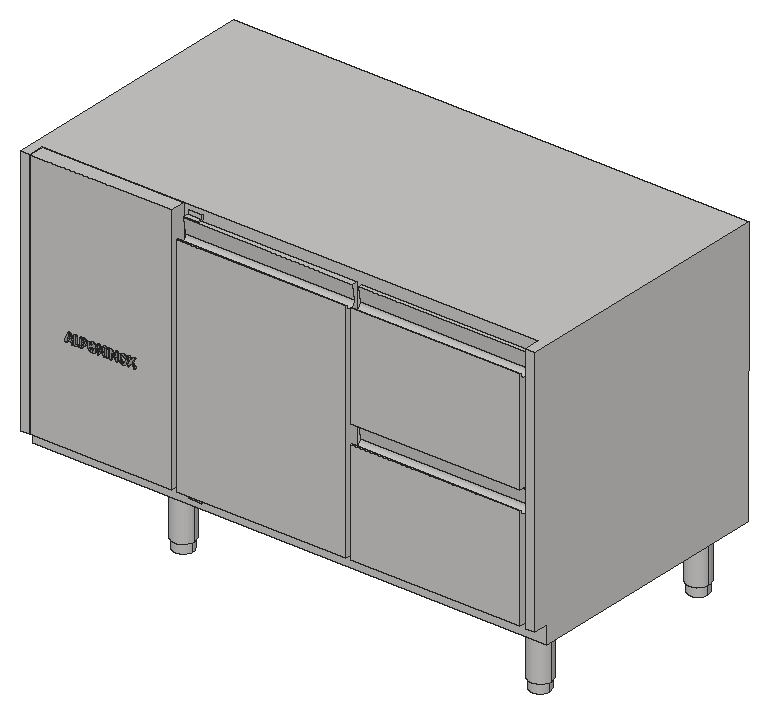
Revit family "QF_ALPENINOX_712005_AH2H7AB", category Specialty Equipment, Revit 2018
Family settings
  Round Connector Dimension = Use Diameter
  Part Type = Normal
  Work Plane-Based = No
  Always vertical = Yes
  Cut with Voids When Loaded = No
  Shared = No
  Room Calculation Point = No
Parameters
  Weight = 0.00 kg
  Watts = 0.0232258 W
  Volts = 220 V
  URL Manufacturer = "http://www.alpeninox.com/"
  URL = "http://www.alpeninox.com/"
  Steam Supply Size = 0 mm
  Steam Supply Minimum Pressure = 0.0 Pa
  Steam Supply Maximum Pressure = 0.0 Pa
  Steam Pounds per Hour = 0
  Show Logo [instance] = yes
  Show Clearance [instance] = yes
  Refrigeration Suction Line Size = 0 mm
  Refrigeration Liquid Line Size = 0 mm
  Refrigerant Compressor Remote = yes
  Manufacturer = "Alpeninox"
  Phase = 1
  Model = "AH2H7AB"
  Length Actual = 1341 mm  # constant formula
  Item Number = "712005"
  Hot Water Size = 0 mm
  Height Actual = 850 mm  # constant formula
  HP = "0.3 HP"
  Gas Size = 0 mm
  Gas KW = 0
  Gas Input Pressure = 0 W
  Description = "1DOOR+2DRAWERS REF.TABLE 290L-NO TOP"
  Depth Actual = 700 mm  # constant formula
  Cycle = 50 Hz
  Condensate Return Size = 0 mm
  Compressed Air Volume = 0.0 L/s
  Compressed Air Size = 0 mm
  Compressed Air Pressure = 0.0 Pa
  Cold Water Size = 0 mm
  Accessory = yes
Reference planes
  plane 1 "Center X": y = 182.5
  plane 2: z = 0
  plane 3 "Center Y": x = -126.5
  plane 4: y = -62.5
  plane 5: y = 451.5
  plane 6 "BACK": y = 532.5
  plane 7 "FRONT": y = -167.5
  plane 8: x = -452
  plane 9: x = 478
  plane 10: z = 150
  plane 11 "TOP": z = 900
  plane 12: z = 850
  plane 13 "LEFT": x = -797
  plane 14 "RIGHT": x = 544
Forms (mm)
  Extrusion 1, solid, material "QF_Finishes_Stainless Steel"
    sketch origin (-126.5, 2, 0) x (0, 1, 0) y (0, 0, 1)
      loop
        line (530.5, 150) -> (530.5, 850) -> (-124.5, 850) -> (-124.5, 150) -> (530.5, 150)
    from -670.5 to 670.5
  Extrusion 2, solid, material "QF_Finishes_Stainless Steel"
    sketch origin (-1022.223, -1524, 150) x (-1, 0, 0) y (0, -1, 0)
      loop
        line (-225.223, -1361.5) -> (-250.223, -1361.5) -> (-250.223, -1401.5) -> (-225.223, -1401.5) -> (-225.223, -1361.5)
      loop
        line (-1566.223, -1401.5) -> (-1541.223, -1401.5) -> (-1541.223, -1361.5) -> (-1566.223, -1361.5) -> (-1566.223, -1401.5)
    from 47 to 700
  Extrusion 3, solid, material "QF_Finishes_Stainless Steel"
    sketch origin (0, 0, 900) x (-1, 0, 0) y (0, -1, 0)
      loop
        circle (-57, -94.5) r 8.45
    from -790.577 to -750
  Extrusion 4, solid, material "QF_Finishes_Stainless Steel"
    sketch origin (0, 0, 0) x (1, 0, 0) y (0, 1, 0)
      loop
        circle (-713, 451.5) r 4
    from 109.423 to 150
Cuts and joins
  joined: Extrusion 1, Extrusion 2
Lines and regions (mm)
  symbolic lines, style "SpecialityEquipmentHiddenLines"
    curve 1: line (-797, -122.5, 900) -> (544, -122.5, 900)
    curve 2: line (-396, -162.5, 900) -> (-396, -122.5, 900)
    curve 3: line (-797, 532.5, 900) -> (544, 532.5, 900)
    curve 4: line (-797, 532.5, 900) -> (-797, -162.5, 900)
    curve 5: line (-797, -162.5, 900) -> (544, -162.5, 900)
    curve 6: line (544, -162.5, 900) -> (544, 532.5, 900)
Dimensions and locks
  locked: plane 6 "BACK" to plane 7 "FRONT" at 700
  equal spacing: plane 6 "BACK", plane 1 "Center X", plane 7 "FRONT"
  locked: plane 6 "BACK" to plane 5 at 81
  plane 10 to level = 150 mm
  plane 11 "TOP" to plane 12 to plane 10 = 50 mm locked, 700 mm locked
  locked: Extrusion 2 sketch curve to Extrusion 2 sketch curve at 25  (x2)
  locked: plane 4 to plane 7 "FRONT" at 105
  locked: plane 6 "BACK" to Extrusion 3 sketch curve at 438
  equal spacing: plane 13 "LEFT", plane 3 "Center Y", plane 14 "RIGHT"
  plane 13 "LEFT" to plane 14 "RIGHT" = 1341 mm
  locked: plane 13 "LEFT" to plane 8 at 345
  locked: plane 9 to plane 14 "RIGHT" at 66
  locked: Extrusion 3 sketch curve to plane 14 "RIGHT" at 487
  plane 13 "LEFT" to Extrusion 4 sketch curve = 84 mm
  locked: plane 6 "BACK" to Extrusion 4 sketch curve at 81
  locked: plane 10 to Extrusion 4 at 40.577
  aligned and locked: level to plane 2
  aligned and locked: plane 10 to Extrusion 3
  aligned and locked: nested 4 to plane 4
  aligned and locked: nested 1 to plane 4
  aligned and locked: nested 3 to plane 5
  aligned and locked: nested 2 to plane 5
  aligned and locked: plane 8 to nested 1
  aligned and locked: plane 8 to nested 2
  aligned and locked: plane 9 to nested 4
  aligned and locked: plane 9 to nested 3
  aligned and locked: Extrusion 1 to Extrusion 2
  aligned and locked: Extrusion 2 to Extrusion 1
  aligned and locked: Extrusion 2 sketch curve to plane 14 "RIGHT"
  aligned and locked: plane 13 "LEFT" to Extrusion 2 sketch curve
  aligned and locked: cut or joined group of Extrusion 1, Extrusion 2 to plane 10
  aligned and locked: plane 12 to cut or joined group of Extrusion 1, Extrusion 2
  aligned and locked: plane 10 to Extrusion 4
Automatic sketch dimensions
  Extrusion 1 sketch curve to plane 10 = 0 mm
  Extrusion 1 sketch curve to plane 12 = 0 mm
  Extrusion 1 sketch curve to plane 6 "BACK" = 0 mm
  plane 7 "FRONT" to Extrusion 1 sketch curve = 45 mm
  plane 7 "FRONT" to Extrusion 2 sketch curve = 45 mm  (x2)
  plane 7 "FRONT" to Extrusion 2 sketch curve = 5 mm  (x2)
  curve 6 to plane 6 "BACK" = 0 mm
  curve 6 to plane 14 "RIGHT" = 0 mm
  curve 5 to plane 13 "LEFT" = 0 mm
  plane 7 "FRONT" to curve 5 = 5 mm
  plane 8 to curve 2 = 56 mm
  curve 1 to curve 4 = 40 mm
  radius of Extrusion 3 sketch curve = 8.45 mm
  radius of Extrusion 4 sketch curve = 4 mm
Nested families
  nested 1: "Foot_Ø50_H150" at (-452, -62.5, 0), type "Foot_Ø50_H150"
  nested 2: "Foot_Ø50_H150" at (-452, 451.5, 0), type "Foot_Ø50_H150"
  nested 3: "Foot_Ø50_H150" at (478, 451.5, 0), type "Foot_Ø50_H150"
  nested 4: "Foot_Ø50_H150" at (478, -62.5, 0), type "Foot_Ø50_H150"
  nested 5: "2 Drawers" at (285, -164.5, 0), Show Clearance <- "Show Clearance", type "2 Drawers"
  nested 6: "Door" at (-169, -164.5, 0) x (-1, 0, 0) z (0, 0, 1), Show Clearance <- "Show Clearance", type "Door"
  nested 7: "Refrigerator" at (544, -167.5, 900), type "Refrigerator"
  nested 8: "ALP_Cooling Unit" at (-587.5, -164.5, 0), Show Logo <- "Show Logo", type "ALP_Cooling Unit"
Connectors
  electrical at (-713, 451.5, 109.423), driven by "Volts"
    settings: on Extrusion 4, index 4, voltage 220 V, apparent load 0 VA, apparent load phase1 0 VA, apparent load phase2 0 VA, apparent load phase3 0 VA, power factor 1, load classification "Altro", number of poles 1, system type 30, power factor state 1, is connector primary yes, connector utility no, sub classification motor no, connector description "Electrical Connection"
  piping at (57, 94.5, 109.423), diameter 17
    settings: on Extrusion 3, index 5, connector inside diameter 609.6 mm, connector length 0 mm, flow factor 0, pipe flow 0.0 L/s, pressure drop 0.0 Pa, fitting loss kfactor 0, connector angle 0.00°, fixture units 0, engagement length 0 mm, angle of deflection 0.00°, flow configuration 1, flow direction 2, fitting loss method 0, system type 16, joint type 0, gender type 0, connector reference index -1, connector utility 0, adjustable connector no, is connector primary yes, connector description "Drain"
Definition of nested family "Foot_Ø50_H150"
  Reference planes
    plane 1 "Centro (Fronte/Retro)": y = 0
    plane 2: z = 0
    plane 3 "Centro (Sinistra/Destra)": x = 0
    plane 4: z = 150
  Forms (mm)
    Revolve 1, solid
      sketch origin (255.05, 0, 608.09) x (0, 0, 1) y (-1, 0, 0)
        loop
          line (-608.09, 255.05) -> (-608.09, 230.05) -> (-583.09, 230.05) -> (-583.09, 226.05) -> (-458.09, 226.05) -> (-458.09, 255.05) -> (-608.09, 255.05)
        axis (-608.09, 255.05) -> (-458.09, 255.05)
      angle from 0 to 360
  Dimensions and locks
    locked: Revolve 1 sketch curve to Revolve 1 sketch curve at 125
    aligned and locked: level to plane 2
    aligned and locked: plane 4 to Revolve 1 sketch curve
    aligned and locked: Revolve 1 sketch curve to level
    aligned and locked: plane 3 "Centro (Sinistra/Destra)" to Revolve 1 sketch curve
Definition of nested family "2 Drawers"
  Parameters
    Show Clearance [instance] = yes
  Reference planes
    plane 1 "FRONT": y = -3
    plane 2: z = 0
    plane 3 "Centro (Sinistra/Destra)": x = 0
    plane 4: z = 150
    plane 5: z = 850
    plane 6: x = -234
    plane 7: x = 234
    plane 8: x = -220
    plane 9: x = 220
  Forms (mm)
    Extrusion 1, solid
      sketch origin (0, 55, 511) x (0, 0, 1) y (0, -1, 0)
        loop
          line (314, 18) -> (314, 29) -> (274.395, 22.5)
          arc (274.395, 22.5) -> (260.395, 36.5) -> (274.395, 50.5) r 14
          line (274.395, 50.5) -> (274.395, 53) -> (5, 53) -> (5, 18) -> (314, 18)
        loop
          line (-5, 29) -> (-44.605, 22.5)
          arc (-44.605, 22.5) -> (-58.605, 36.5) -> (-44.605, 50.5) r 14
          line (-44.605, 50.5) -> (-44.605, 53) -> (-314, 53) -> (-314, 18) -> (-5, 18) -> (-5, 29)
      from -220 to 220
    Extrusion 2, solid, visible <- "Show Clearance", detail levels coarse
      sketch origin (0, -462, 511) x (0, 0, 1) y (0, -1, 0)
        loop
          line (-314, 109) -> (-314, -464) -> (-5, -464) -> (-5, 109) -> (-314, 109)
        loop
          line (314, -464) -> (314, 109) -> (5, 109) -> (5, -464) -> (314, -464)
      from -220 to 220
  Lines and regions (mm)
    symbolic lines
      curve 1: line (-190, -3, 0) -> (-190, -88, 0)
      curve 2: line (190, -88, 0) -> (190, -3, 0)
      curve 3: line (220, -88, 0) -> (-220, -88, 0)
      curve 4: line (-220, -88, 0) -> (-220, -123, 0)
      curve 5: line (-220, -123, 0) -> (220, -123, 0)
      curve 6: line (220, -123, 0) -> (220, -88, 0)
      curve 7: line (-190, -123, 0) -> (-190, -208, 0)
      curve 8: line (220, -208, 0) -> (-220, -208, 0)
      curve 9: line (-220, -208, 0) -> (-220, -243, 0)
      curve 10: line (-220, -243, 0) -> (220, -243, 0)
      curve 11: line (220, -243, 0) -> (220, -208, 0)
      curve 12: line (190, -208, 0) -> (190, -123, 0)
  Dimensions and locks
    aligned and locked: level to plane 2
Definition of nested family "Door"
  Parameters
    Show Clearance [instance] = yes
  Reference planes
    plane 1 "FRONT": y = -3
    plane 2: z = 0
    plane 3 "Centro (Sinistra/Destra)": x = 0
    plane 4: z = 150
    plane 5: z = 850
    plane 6: x = -234
    plane 7: x = 234
    plane 8: x = -220
    plane 9: x = 220
  Forms (mm)
    Extrusion 1, solid
      sketch origin (0, 53, 511) x (0, 0, 1) y (0, -1, 0)
        loop
          line (-323.003, 28.5) -> (-316.501, 28.5) -> (-316.501, 31) -> (-325.503, 31) -> (-325.503, 13.5) -> (-345.503, 13.5) -> (-345.503, 11) -> (-323.003, 11) -> (-323.003, 23.259) -> (-323.003, 28.5)
        loop
          line (-314, 27) -> (-316.501, 27) -> (-316.501, 18.501) -> (-319.752, 18.501) -> (-319.752, 16) -> (-314, 16) -> (-314, 27)
        loop
          line (315.003, 27) -> (315.003, 13.948) -> (315.003, 11) -> (327.503, 11) -> (327.503, 13.5) -> (317.503, 13.5) -> (317.503, 27) -> (315.003, 27)
      from 185 to 220
    Extrusion 2, solid, visible <- "Show Clearance", detail levels coarse
      sketch origin (0, 53, 511) x (0, -1, 0) y (1, 0, 0)
        loop
          line (51, 220) -> (51, -220)
          arc (51, -220) -> (339.234, -79.44) -> (454, 220) r 437.168
          line (454, 220) -> (51, 220)
      from -314 to 314
    Extrusion 3, solid
      sketch origin (0, 55, 511) x (0, 0, 1) y (0, -1, 0)
        loop
          line (314, 18) -> (314, 29) -> (274.395, 22.5)
          arc (274.395, 22.5) -> (260.395, 36.5) -> (274.395, 50.5) r 14
          line (274.395, 50.5) -> (274.395, 53) -> (-314, 53) -> (-314, 18) -> (314, 18)
      from -220 to 220
  Lines and regions (mm)
    symbolic lines
      curve 1: line (220, -3, 0) -> (220, -401, 0)
      curve 2: line (220, -401, 0) -> (185, -401, 0)
      curve 3: line (185, -401, 0) -> (185, -3, 0)
      curve 4: arc (-219.722, -3, 0) -> (-89.51, -275.368, 0) -> (185, -401, 0) r 442.855
  Dimensions and locks
    aligned and locked: level to plane 2
Definition of nested family "ALP_Cooling Unit"
  Parameters
    Show Logo [instance] = yes
  Reference planes
    plane 1 "FRONT": y = -3
    plane 2: z = 0
    plane 3 "Centro (Sinistra/Destra)": x = 0
    plane 4: z = 150
    plane 5: z = 850
    plane 6: x = -184.5
    plane 7: x = 184.5
  Forms (mm)
    Extrusion 1, solid
      sketch origin (0, 55, 511) x (0, 0, 1) y (0, -1, 0)
        loop
          line (-314, 53) -> (-314, 13) -> (339, 13) -> (339, 53) -> (-314, 53)
      from -184.5 to 184.5
  Lines and regions (mm)
    Split face 1
      outline origin (0, 2, 197) x (0, 0, 1) y (-1, 0, 0)
        loop
          line (566.835, 184.5) -> (566.835, -184.5)
        loop
          line (521.835, 184.5) -> (521.835, -184.5)
    Split face 2
      outline origin (0, 2, 197) x (0, 0, 1) y (-1, 0, 0)
        loop
          line (526.835, -184.5) -> (526.835, 150.5)
          arc (526.835, 150.5) -> (544.335, 168) -> (561.835, 150.5) r 17.5
          line (561.835, 150.5) -> (561.835, -184.5)
    Split face 3
      outline origin (0, 2, 197) x (0, 0, 1) y (-1, 0, 0)
        loop
          line (555.835, 149.5) -> (532.835, 149.5) -> (532.835, 94.5) -> (555.835, 94.5) -> (555.835, 149.5)
    Split face 4
      outline origin (0, 2, 197) x (0, 0, 1) y (-1, 0, 0)
        loop
          arc (510.649, 158.547) -> (506.648, 162.548) -> (502.647, 158.547) r 4.001
          line (502.647, 158.547) -> (502.647, 116.535)
          arc (502.647, 116.535) -> (506.648, 112.533) -> (510.649, 116.535) r 4.001
          line (510.649, 116.535) -> (510.649, 158.547)
    Split face 5
      outline origin (0, 2, 184.996) x (0, 0, 1) y (-1, 0, 0)
        loop
          arc (510.649, 158.547) -> (506.648, 162.548) -> (502.647, 158.547) r 4.001
          line (502.647, 158.547) -> (502.647, 116.535)
          arc (502.647, 116.535) -> (506.648, 112.533) -> (510.649, 116.535) r 4.001
          line (510.649, 116.535) -> (510.649, 158.547)
    Split face 6
      outline origin (0, 2, 172.993) x (0, 0, 1) y (-1, 0, 0)
        loop
          arc (510.649, 158.547) -> (506.648, 162.548) -> (502.647, 158.547) r 4.001
          line (502.647, 158.547) -> (502.647, 116.535)
          arc (502.647, 116.535) -> (506.648, 112.533) -> (510.649, 116.535) r 4.001
          line (510.649, 116.535) -> (510.649, 158.547)
    Split face 7
      outline origin (0, 2, 160.989) x (0, 0, 1) y (-1, 0, 0)
        loop
          arc (510.649, 158.547) -> (506.648, 162.548) -> (502.647, 158.547) r 4.001
          line (502.647, 158.547) -> (502.647, 116.535)
          arc (502.647, 116.535) -> (506.648, 112.533) -> (510.649, 116.535) r 4.001
          line (510.649, 116.535) -> (510.649, 158.547)
    Split face 8
      outline origin (0, 2, 148.986) x (0, 0, 1) y (-1, 0, 0)
        loop
          arc (510.649, 158.547) -> (506.648, 162.548) -> (502.647, 158.547) r 4.001
          line (502.647, 158.547) -> (502.647, 116.535)
          arc (502.647, 116.535) -> (506.648, 112.533) -> (510.649, 116.535) r 4.001
          line (510.649, 116.535) -> (510.649, 158.547)
    Split face 9
      outline origin (0, 2, 136.982) x (0, 0, 1) y (-1, 0, 0)
        loop
          arc (510.649, 158.547) -> (506.648, 162.548) -> (502.647, 158.547) r 4.001
          line (502.647, 158.547) -> (502.647, 116.535)
          arc (502.647, 116.535) -> (506.648, 112.533) -> (510.649, 116.535) r 4.001
          line (510.649, 116.535) -> (510.649, 158.547)
    Split face 10
      outline origin (0, 2, 124.979) x (0, 0, 1) y (-1, 0, 0)
        loop
          arc (510.649, 158.547) -> (506.648, 162.548) -> (502.647, 158.547) r 4.001
          line (502.647, 158.547) -> (502.647, 116.535)
          arc (502.647, 116.535) -> (506.648, 112.533) -> (510.649, 116.535) r 4.001
          line (510.649, 116.535) -> (510.649, 158.547)
    Split face 11
      outline origin (0, 2, 112.975) x (0, 0, 1) y (-1, 0, 0)
        loop
          arc (510.649, 158.547) -> (506.648, 162.548) -> (502.647, 158.547) r 4.001
          line (502.647, 158.547) -> (502.647, 116.535)
          arc (502.647, 116.535) -> (506.648, 112.533) -> (510.649, 116.535) r 4.001
          line (510.649, 116.535) -> (510.649, 158.547)
    Split face 12
      outline origin (0, 2, 100.972) x (0, 0, 1) y (-1, 0, 0)
        loop
          arc (510.649, 158.547) -> (506.648, 162.548) -> (502.647, 158.547) r 4.001
          line (502.647, 158.547) -> (502.647, 116.535)
          arc (502.647, 116.535) -> (506.648, 112.533) -> (510.649, 116.535) r 4.001
          line (510.649, 116.535) -> (510.649, 158.547)
    Split face 13
      outline origin (0, 2, 88.968) x (0, 0, 1) y (-1, 0, 0)
        loop
          arc (510.649, 158.547) -> (506.648, 162.548) -> (502.647, 158.547) r 4.001
          line (502.647, 158.547) -> (502.647, 116.535)
          arc (502.647, 116.535) -> (506.648, 112.533) -> (510.649, 116.535) r 4.001
          line (510.649, 116.535) -> (510.649, 158.547)
    Split face 14
      outline origin (0, 2, 76.965) x (0, 0, 1) y (-1, 0, 0)
        loop
          arc (510.649, 158.547) -> (506.648, 162.548) -> (502.647, 158.547) r 4.001
          line (502.647, 158.547) -> (502.647, 116.535)
          arc (502.647, 116.535) -> (506.648, 112.533) -> (510.649, 116.535) r 4.001
          line (510.649, 116.535) -> (510.649, 158.547)
    Split face 15
      outline origin (0, 2, 64.961) x (0, 0, 1) y (-1, 0, 0)
        loop
          arc (510.649, 158.547) -> (506.648, 162.548) -> (502.647, 158.547) r 4.001
          line (502.647, 158.547) -> (502.647, 116.535)
          arc (502.647, 116.535) -> (506.648, 112.533) -> (510.649, 116.535) r 4.001
          line (510.649, 116.535) -> (510.649, 158.547)
    Split face 16
      outline origin (0, 2, 52.958) x (0, 0, 1) y (-1, 0, 0)
        loop
          arc (510.649, 158.547) -> (506.648, 162.548) -> (502.647, 158.547) r 4.001
          line (502.647, 158.547) -> (502.647, 116.535)
          arc (502.647, 116.535) -> (506.648, 112.533) -> (510.649, 116.535) r 4.001
          line (510.649, 116.535) -> (510.649, 158.547)
    Split face 17
      outline origin (0, 2, 40.954) x (0, 0, 1) y (-1, 0, 0)
        loop
          arc (510.649, 158.547) -> (506.648, 162.548) -> (502.647, 158.547) r 4.001
          line (502.647, 158.547) -> (502.647, 116.535)
          arc (502.647, 116.535) -> (506.648, 112.533) -> (510.649, 116.535) r 4.001
          line (510.649, 116.535) -> (510.649, 158.547)
    Split face 18
      outline origin (0, 2, 28.951) x (0, 0, 1) y (-1, 0, 0)
        loop
          arc (510.649, 158.547) -> (506.648, 162.548) -> (502.647, 158.547) r 4.001
          line (502.647, 158.547) -> (502.647, 116.535)
          arc (502.647, 116.535) -> (506.648, 112.533) -> (510.649, 116.535) r 4.001
          line (510.649, 116.535) -> (510.649, 158.547)
    Split face 19
      outline origin (0, 2, 16.947) x (0, 0, 1) y (-1, 0, 0)
        loop
          arc (510.649, 158.547) -> (506.648, 162.548) -> (502.647, 158.547) r 4.001
          line (502.647, 158.547) -> (502.647, 116.535)
          arc (502.647, 116.535) -> (506.648, 112.533) -> (510.649, 116.535) r 4.001
          line (510.649, 116.535) -> (510.649, 158.547)
    Split face 20
      outline origin (55.016, 2, 197) x (0, 0, 1) y (-1, 0, 0)
        loop
          arc (510.649, 158.547) -> (506.648, 162.548) -> (502.647, 158.547) r 4.001
          line (502.647, 158.547) -> (502.647, 116.535)
          arc (502.647, 116.535) -> (506.648, 112.533) -> (510.649, 116.535) r 4.001
          line (510.649, 116.535) -> (510.649, 158.547)
    Split face 21
      outline origin (55.016, 2, 184.996) x (0, 0, 1) y (-1, 0, 0)
        loop
          arc (510.649, 158.547) -> (506.648, 162.548) -> (502.647, 158.547) r 4.001
          line (502.647, 158.547) -> (502.647, 116.535)
          arc (502.647, 116.535) -> (506.648, 112.533) -> (510.649, 116.535) r 4.001
          line (510.649, 116.535) -> (510.649, 158.547)
    Split face 22
      outline origin (55.016, 2, 172.993) x (0, 0, 1) y (-1, 0, 0)
        loop
          arc (510.649, 158.547) -> (506.648, 162.548) -> (502.647, 158.547) r 4.001
          line (502.647, 158.547) -> (502.647, 116.535)
          arc (502.647, 116.535) -> (506.648, 112.533) -> (510.649, 116.535) r 4.001
          line (510.649, 116.535) -> (510.649, 158.547)
    Split face 23
      outline origin (55.016, 2, 160.989) x (0, 0, 1) y (-1, 0, 0)
        loop
          arc (510.649, 158.547) -> (506.648, 162.548) -> (502.647, 158.547) r 4.001
          line (502.647, 158.547) -> (502.647, 116.535)
          arc (502.647, 116.535) -> (506.648, 112.533) -> (510.649, 116.535) r 4.001
          line (510.649, 116.535) -> (510.649, 158.547)
    Split face 24
      outline origin (55.016, 2, 148.986) x (0, 0, 1) y (-1, 0, 0)
        loop
          arc (510.649, 158.547) -> (506.648, 162.548) -> (502.647, 158.547) r 4.001
          line (502.647, 158.547) -> (502.647, 116.535)
          arc (502.647, 116.535) -> (506.648, 112.533) -> (510.649, 116.535) r 4.001
          line (510.649, 116.535) -> (510.649, 158.547)
    Split face 25
      outline origin (55.016, 2, 136.982) x (0, 0, 1) y (-1, 0, 0)
        loop
          arc (510.649, 158.547) -> (506.648, 162.548) -> (502.647, 158.547) r 4.001
          line (502.647, 158.547) -> (502.647, 116.535)
          arc (502.647, 116.535) -> (506.648, 112.533) -> (510.649, 116.535) r 4.001
          line (510.649, 116.535) -> (510.649, 158.547)
    Split face 26
      outline origin (55.016, 2, 124.979) x (0, 0, 1) y (-1, 0, 0)
        loop
          arc (510.649, 158.547) -> (506.648, 162.548) -> (502.647, 158.547) r 4.001
          line (502.647, 158.547) -> (502.647, 116.535)
          arc (502.647, 116.535) -> (506.648, 112.533) -> (510.649, 116.535) r 4.001
          line (510.649, 116.535) -> (510.649, 158.547)
    Split face 27
      outline origin (55.016, 2, 112.975) x (0, 0, 1) y (-1, 0, 0)
        loop
          arc (510.649, 158.547) -> (506.648, 162.548) -> (502.647, 158.547) r 4.001
          line (502.647, 158.547) -> (502.647, 116.535)
          arc (502.647, 116.535) -> (506.648, 112.533) -> (510.649, 116.535) r 4.001
          line (510.649, 116.535) -> (510.649, 158.547)
    Split face 28
      outline origin (55.016, 2, 100.972) x (0, 0, 1) y (-1, 0, 0)
        loop
          arc (510.649, 158.547) -> (506.648, 162.548) -> (502.647, 158.547) r 4.001
          line (502.647, 158.547) -> (502.647, 116.535)
          arc (502.647, 116.535) -> (506.648, 112.533) -> (510.649, 116.535) r 4.001
          line (510.649, 116.535) -> (510.649, 158.547)
    Split face 29
      outline origin (55.016, 2, 88.968) x (0, 0, 1) y (-1, 0, 0)
        loop
          arc (510.649, 158.547) -> (506.648, 162.548) -> (502.647, 158.547) r 4.001
          line (502.647, 158.547) -> (502.647, 116.535)
          arc (502.647, 116.535) -> (506.648, 112.533) -> (510.649, 116.535) r 4.001
          line (510.649, 116.535) -> (510.649, 158.547)
    Split face 30
      outline origin (55.016, 2, 76.965) x (0, 0, 1) y (-1, 0, 0)
        loop
          arc (510.649, 158.547) -> (506.648, 162.548) -> (502.647, 158.547) r 4.001
          line (502.647, 158.547) -> (502.647, 116.535)
          arc (502.647, 116.535) -> (506.648, 112.533) -> (510.649, 116.535) r 4.001
          line (510.649, 116.535) -> (510.649, 158.547)
    Split face 31
      outline origin (55.016, 2, 64.961) x (0, 0, 1) y (-1, 0, 0)
        loop
          arc (510.649, 158.547) -> (506.648, 162.548) -> (502.647, 158.547) r 4.001
          line (502.647, 158.547) -> (502.647, 116.535)
          arc (502.647, 116.535) -> (506.648, 112.533) -> (510.649, 116.535) r 4.001
          line (510.649, 116.535) -> (510.649, 158.547)
    Split face 32
      outline origin (55.016, 2, 52.958) x (0, 0, 1) y (-1, 0, 0)
        loop
          arc (510.649, 158.547) -> (506.648, 162.548) -> (502.647, 158.547) r 4.001
          line (502.647, 158.547) -> (502.647, 116.535)
          arc (502.647, 116.535) -> (506.648, 112.533) -> (510.649, 116.535) r 4.001
          line (510.649, 116.535) -> (510.649, 158.547)
    Split face 33
      outline origin (55.016, 2, 40.954) x (0, 0, 1) y (-1, 0, 0)
        loop
          arc (510.649, 158.547) -> (506.648, 162.548) -> (502.647, 158.547) r 4.001
          line (502.647, 158.547) -> (502.647, 116.535)
          arc (502.647, 116.535) -> (506.648, 112.533) -> (510.649, 116.535) r 4.001
          line (510.649, 116.535) -> (510.649, 158.547)
    Split face 34
      outline origin (55.016, 2, 28.951) x (0, 0, 1) y (-1, 0, 0)
        loop
          arc (510.649, 158.547) -> (506.648, 162.548) -> (502.647, 158.547) r 4.001
          line (502.647, 158.547) -> (502.647, 116.535)
          arc (502.647, 116.535) -> (506.648, 112.533) -> (510.649, 116.535) r 4.001
          line (510.649, 116.535) -> (510.649, 158.547)
    Split face 35
      outline origin (55.016, 2, 16.947) x (0, 0, 1) y (-1, 0, 0)
        loop
          arc (510.649, 158.547) -> (506.648, 162.548) -> (502.647, 158.547) r 4.001
          line (502.647, 158.547) -> (502.647, 116.535)
          arc (502.647, 116.535) -> (506.648, 112.533) -> (510.649, 116.535) r 4.001
          line (510.649, 116.535) -> (510.649, 158.547)
    Split face 36
      outline origin (110.032, 2, 197) x (0, 0, 1) y (-1, 0, 0)
        loop
          arc (510.649, 158.547) -> (506.648, 162.548) -> (502.647, 158.547) r 4.001
          line (502.647, 158.547) -> (502.647, 116.535)
          arc (502.647, 116.535) -> (506.648, 112.533) -> (510.649, 116.535) r 4.001
          line (510.649, 116.535) -> (510.649, 158.547)
    Split face 37
      outline origin (110.032, 2, 184.996) x (0, 0, 1) y (-1, 0, 0)
        loop
          arc (510.649, 158.547) -> (506.648, 162.548) -> (502.647, 158.547) r 4.001
          line (502.647, 158.547) -> (502.647, 116.535)
          arc (502.647, 116.535) -> (506.648, 112.533) -> (510.649, 116.535) r 4.001
          line (510.649, 116.535) -> (510.649, 158.547)
    Split face 38
      outline origin (110.032, 2, 172.993) x (0, 0, 1) y (-1, 0, 0)
        loop
          arc (510.649, 158.547) -> (506.648, 162.548) -> (502.647, 158.547) r 4.001
          line (502.647, 158.547) -> (502.647, 116.535)
          arc (502.647, 116.535) -> (506.648, 112.533) -> (510.649, 116.535) r 4.001
          line (510.649, 116.535) -> (510.649, 158.547)
    Split face 39
      outline origin (110.032, 2, 160.989) x (0, 0, 1) y (-1, 0, 0)
        loop
          arc (510.649, 158.547) -> (506.648, 162.548) -> (502.647, 158.547) r 4.001
          line (502.647, 158.547) -> (502.647, 116.535)
          arc (502.647, 116.535) -> (506.648, 112.533) -> (510.649, 116.535) r 4.001
          line (510.649, 116.535) -> (510.649, 158.547)
    Split face 40
      outline origin (110.032, 2, 148.986) x (0, 0, 1) y (-1, 0, 0)
        loop
          arc (510.649, 158.547) -> (506.648, 162.548) -> (502.647, 158.547) r 4.001
          line (502.647, 158.547) -> (502.647, 116.535)
          arc (502.647, 116.535) -> (506.648, 112.533) -> (510.649, 116.535) r 4.001
          line (510.649, 116.535) -> (510.649, 158.547)
    Split face 41
      outline origin (110.032, 2, 136.982) x (0, 0, 1) y (-1, 0, 0)
        loop
          arc (510.649, 158.547) -> (506.648, 162.548) -> (502.647, 158.547) r 4.001
          line (502.647, 158.547) -> (502.647, 116.535)
          arc (502.647, 116.535) -> (506.648, 112.533) -> (510.649, 116.535) r 4.001
          line (510.649, 116.535) -> (510.649, 158.547)
    Split face 42
      outline origin (110.032, 2, 124.979) x (0, 0, 1) y (-1, 0, 0)
        loop
          arc (510.649, 158.547) -> (506.648, 162.548) -> (502.647, 158.547) r 4.001
          line (502.647, 158.547) -> (502.647, 116.535)
          arc (502.647, 116.535) -> (506.648, 112.533) -> (510.649, 116.535) r 4.001
          line (510.649, 116.535) -> (510.649, 158.547)
    Split face 43
      outline origin (110.032, 2, 112.975) x (0, 0, 1) y (-1, 0, 0)
        loop
          arc (510.649, 158.547) -> (506.648, 162.548) -> (502.647, 158.547) r 4.001
          line (502.647, 158.547) -> (502.647, 116.535)
          arc (502.647, 116.535) -> (506.648, 112.533) -> (510.649, 116.535) r 4.001
          line (510.649, 116.535) -> (510.649, 158.547)
    Split face 44
      outline origin (110.032, 2, 100.972) x (0, 0, 1) y (-1, 0, 0)
        loop
          arc (510.649, 158.547) -> (506.648, 162.548) -> (502.647, 158.547) r 4.001
          line (502.647, 158.547) -> (502.647, 116.535)
          arc (502.647, 116.535) -> (506.648, 112.533) -> (510.649, 116.535) r 4.001
          line (510.649, 116.535) -> (510.649, 158.547)
    Split face 45
      outline origin (110.032, 2, 88.968) x (0, 0, 1) y (-1, 0, 0)
        loop
          arc (510.649, 158.547) -> (506.648, 162.548) -> (502.647, 158.547) r 4.001
          line (502.647, 158.547) -> (502.647, 116.535)
          arc (502.647, 116.535) -> (506.648, 112.533) -> (510.649, 116.535) r 4.001
          line (510.649, 116.535) -> (510.649, 158.547)
    Split face 46
      outline origin (110.032, 2, 76.965) x (0, 0, 1) y (-1, 0, 0)
        loop
          arc (510.649, 158.547) -> (506.648, 162.548) -> (502.647, 158.547) r 4.001
          line (502.647, 158.547) -> (502.647, 116.535)
          arc (502.647, 116.535) -> (506.648, 112.533) -> (510.649, 116.535) r 4.001
          line (510.649, 116.535) -> (510.649, 158.547)
    Split face 47
      outline origin (110.032, 2, 64.961) x (0, 0, 1) y (-1, 0, 0)
        loop
          arc (510.649, 158.547) -> (506.648, 162.548) -> (502.647, 158.547) r 4.001
          line (502.647, 158.547) -> (502.647, 116.535)
          arc (502.647, 116.535) -> (506.648, 112.533) -> (510.649, 116.535) r 4.001
          line (510.649, 116.535) -> (510.649, 158.547)
    Split face 48
      outline origin (110.032, 2, 52.958) x (0, 0, 1) y (-1, 0, 0)
        loop
          arc (510.649, 158.547) -> (506.648, 162.548) -> (502.647, 158.547) r 4.001
          line (502.647, 158.547) -> (502.647, 116.535)
          arc (502.647, 116.535) -> (506.648, 112.533) -> (510.649, 116.535) r 4.001
          line (510.649, 116.535) -> (510.649, 158.547)
    Split face 49
      outline origin (110.032, 2, 40.954) x (0, 0, 1) y (-1, 0, 0)
        loop
          arc (510.649, 158.547) -> (506.648, 162.548) -> (502.647, 158.547) r 4.001
          line (502.647, 158.547) -> (502.647, 116.535)
          arc (502.647, 116.535) -> (506.648, 112.533) -> (510.649, 116.535) r 4.001
          line (510.649, 116.535) -> (510.649, 158.547)
    Split face 50
      outline origin (110.032, 2, 28.951) x (0, 0, 1) y (-1, 0, 0)
        loop
          arc (510.649, 158.547) -> (506.648, 162.548) -> (502.647, 158.547) r 4.001
          line (502.647, 158.547) -> (502.647, 116.535)
          arc (502.647, 116.535) -> (506.648, 112.533) -> (510.649, 116.535) r 4.001
          line (510.649, 116.535) -> (510.649, 158.547)
    Split face 51
      outline origin (110.032, 2, 16.947) x (0, 0, 1) y (-1, 0, 0)
        loop
          arc (510.649, 158.547) -> (506.648, 162.548) -> (502.647, 158.547) r 4.001
          line (502.647, 158.547) -> (502.647, 116.535)
          arc (502.647, 116.535) -> (506.648, 112.533) -> (510.649, 116.535) r 4.001
          line (510.649, 116.535) -> (510.649, 158.547)
    Split face 52
      outline origin (165.048, 2, 197) x (0, 0, 1) y (-1, 0, 0)
        loop
          arc (510.649, 158.547) -> (506.648, 162.548) -> (502.647, 158.547) r 4.001
          line (502.647, 158.547) -> (502.647, 116.535)
          arc (502.647, 116.535) -> (506.648, 112.533) -> (510.649, 116.535) r 4.001
          line (510.649, 116.535) -> (510.649, 158.547)
    Split face 53
      outline origin (165.048, 2, 184.996) x (0, 0, 1) y (-1, 0, 0)
        loop
          arc (510.649, 158.547) -> (506.648, 162.548) -> (502.647, 158.547) r 4.001
          line (502.647, 158.547) -> (502.647, 116.535)
          arc (502.647, 116.535) -> (506.648, 112.533) -> (510.649, 116.535) r 4.001
          line (510.649, 116.535) -> (510.649, 158.547)
    Split face 54
      outline origin (165.048, 2, 172.993) x (0, 0, 1) y (-1, 0, 0)
        loop
          arc (510.649, 158.547) -> (506.648, 162.548) -> (502.647, 158.547) r 4.001
          line (502.647, 158.547) -> (502.647, 116.535)
          arc (502.647, 116.535) -> (506.648, 112.533) -> (510.649, 116.535) r 4.001
          line (510.649, 116.535) -> (510.649, 158.547)
    Split face 55
      outline origin (165.048, 2, 160.989) x (0, 0, 1) y (-1, 0, 0)
        loop
          arc (510.649, 158.547) -> (506.648, 162.548) -> (502.647, 158.547) r 4.001
          line (502.647, 158.547) -> (502.647, 116.535)
          arc (502.647, 116.535) -> (506.648, 112.533) -> (510.649, 116.535) r 4.001
          line (510.649, 116.535) -> (510.649, 158.547)
    Split face 56
      outline origin (165.048, 2, 148.986) x (0, 0, 1) y (-1, 0, 0)
        loop
          arc (510.649, 158.547) -> (506.648, 162.548) -> (502.647, 158.547) r 4.001
          line (502.647, 158.547) -> (502.647, 116.535)
          arc (502.647, 116.535) -> (506.648, 112.533) -> (510.649, 116.535) r 4.001
          line (510.649, 116.535) -> (510.649, 158.547)
    Split face 57
      outline origin (165.048, 2, 136.982) x (0, 0, 1) y (-1, 0, 0)
        loop
          arc (510.649, 158.547) -> (506.648, 162.548) -> (502.647, 158.547) r 4.001
          line (502.647, 158.547) -> (502.647, 116.535)
          arc (502.647, 116.535) -> (506.648, 112.533) -> (510.649, 116.535) r 4.001
          line (510.649, 116.535) -> (510.649, 158.547)
    Split face 58
      outline origin (165.048, 2, 124.979) x (0, 0, 1) y (-1, 0, 0)
        loop
          arc (510.649, 158.547) -> (506.648, 162.548) -> (502.647, 158.547) r 4.001
          line (502.647, 158.547) -> (502.647, 116.535)
          arc (502.647, 116.535) -> (506.648, 112.533) -> (510.649, 116.535) r 4.001
          line (510.649, 116.535) -> (510.649, 158.547)
    Split face 59
      outline origin (165.048, 2, 112.975) x (0, 0, 1) y (-1, 0, 0)
        loop
          arc (510.649, 158.547) -> (506.648, 162.548) -> (502.647, 158.547) r 4.001
          line (502.647, 158.547) -> (502.647, 116.535)
          arc (502.647, 116.535) -> (506.648, 112.533) -> (510.649, 116.535) r 4.001
          line (510.649, 116.535) -> (510.649, 158.547)
    Split face 60
      outline origin (165.048, 2, 100.972) x (0, 0, 1) y (-1, 0, 0)
        loop
          arc (510.649, 158.547) -> (506.648, 162.548) -> (502.647, 158.547) r 4.001
          line (502.647, 158.547) -> (502.647, 116.535)
          arc (502.647, 116.535) -> (506.648, 112.533) -> (510.649, 116.535) r 4.001
          line (510.649, 116.535) -> (510.649, 158.547)
    Split face 61
      outline origin (165.048, 2, 88.968) x (0, 0, 1) y (-1, 0, 0)
        loop
          arc (510.649, 158.547) -> (506.648, 162.548) -> (502.647, 158.547) r 4.001
          line (502.647, 158.547) -> (502.647, 116.535)
          arc (502.647, 116.535) -> (506.648, 112.533) -> (510.649, 116.535) r 4.001
          line (510.649, 116.535) -> (510.649, 158.547)
    Split face 62
      outline origin (165.048, 2, 76.965) x (0, 0, 1) y (-1, 0, 0)
        loop
          arc (510.649, 158.547) -> (506.648, 162.548) -> (502.647, 158.547) r 4.001
          line (502.647, 158.547) -> (502.647, 116.535)
          arc (502.647, 116.535) -> (506.648, 112.533) -> (510.649, 116.535) r 4.001
          line (510.649, 116.535) -> (510.649, 158.547)
    Split face 63
      outline origin (165.048, 2, 64.961) x (0, 0, 1) y (-1, 0, 0)
        loop
          arc (510.649, 158.547) -> (506.648, 162.548) -> (502.647, 158.547) r 4.001
          line (502.647, 158.547) -> (502.647, 116.535)
          arc (502.647, 116.535) -> (506.648, 112.533) -> (510.649, 116.535) r 4.001
          line (510.649, 116.535) -> (510.649, 158.547)
    Split face 64
      outline origin (165.048, 2, 52.958) x (0, 0, 1) y (-1, 0, 0)
        loop
          arc (510.649, 158.547) -> (506.648, 162.548) -> (502.647, 158.547) r 4.001
          line (502.647, 158.547) -> (502.647, 116.535)
          arc (502.647, 116.535) -> (506.648, 112.533) -> (510.649, 116.535) r 4.001
          line (510.649, 116.535) -> (510.649, 158.547)
    Split face 65
      outline origin (165.048, 2, 40.954) x (0, 0, 1) y (-1, 0, 0)
        loop
          arc (510.649, 158.547) -> (506.648, 162.548) -> (502.647, 158.547) r 4.001
          line (502.647, 158.547) -> (502.647, 116.535)
          arc (502.647, 116.535) -> (506.648, 112.533) -> (510.649, 116.535) r 4.001
          line (510.649, 116.535) -> (510.649, 158.547)
    Split face 66
      outline origin (165.048, 2, 28.951) x (0, 0, 1) y (-1, 0, 0)
        loop
          arc (510.649, 158.547) -> (506.648, 162.548) -> (502.647, 158.547) r 4.001
          line (502.647, 158.547) -> (502.647, 116.535)
          arc (502.647, 116.535) -> (506.648, 112.533) -> (510.649, 116.535) r 4.001
          line (510.649, 116.535) -> (510.649, 158.547)
    Split face 67
      outline origin (165.048, 2, 16.947) x (0, 0, 1) y (-1, 0, 0)
        loop
          arc (510.649, 158.547) -> (506.648, 162.548) -> (502.647, 158.547) r 4.001
          line (502.647, 158.547) -> (502.647, 116.535)
          arc (502.647, 116.535) -> (506.648, 112.533) -> (510.649, 116.535) r 4.001
          line (510.649, 116.535) -> (510.649, 158.547)
    Split face 68
      outline origin (220.064, 2, 197) x (0, 0, 1) y (-1, 0, 0)
        loop
          arc (510.649, 158.547) -> (506.648, 162.548) -> (502.647, 158.547) r 4.001
          line (502.647, 158.547) -> (502.647, 116.535)
          arc (502.647, 116.535) -> (506.648, 112.533) -> (510.649, 116.535) r 4.001
          line (510.649, 116.535) -> (510.649, 158.547)
    Split face 69
      outline origin (220.064, 2, 184.996) x (0, 0, 1) y (-1, 0, 0)
        loop
          arc (510.649, 158.547) -> (506.648, 162.548) -> (502.647, 158.547) r 4.001
          line (502.647, 158.547) -> (502.647, 116.535)
          arc (502.647, 116.535) -> (506.648, 112.533) -> (510.649, 116.535) r 4.001
          line (510.649, 116.535) -> (510.649, 158.547)
    Split face 70
      outline origin (220.064, 2, 172.993) x (0, 0, 1) y (-1, 0, 0)
        loop
          arc (510.649, 158.547) -> (506.648, 162.548) -> (502.647, 158.547) r 4.001
          line (502.647, 158.547) -> (502.647, 116.535)
          arc (502.647, 116.535) -> (506.648, 112.533) -> (510.649, 116.535) r 4.001
          line (510.649, 116.535) -> (510.649, 158.547)
    Split face 71
      outline origin (220.064, 2, 160.989) x (0, 0, 1) y (-1, 0, 0)
        loop
          arc (510.649, 158.547) -> (506.648, 162.548) -> (502.647, 158.547) r 4.001
          line (502.647, 158.547) -> (502.647, 116.535)
          arc (502.647, 116.535) -> (506.648, 112.533) -> (510.649, 116.535) r 4.001
          line (510.649, 116.535) -> (510.649, 158.547)
    Split face 72
      outline origin (220.064, 2, 148.986) x (0, 0, 1) y (-1, 0, 0)
        loop
          arc (510.649, 158.547) -> (506.648, 162.548) -> (502.647, 158.547) r 4.001
          line (502.647, 158.547) -> (502.647, 116.535)
          arc (502.647, 116.535) -> (506.648, 112.533) -> (510.649, 116.535) r 4.001
          line (510.649, 116.535) -> (510.649, 158.547)
    Split face 73
      outline origin (220.064, 2, 136.982) x (0, 0, 1) y (-1, 0, 0)
        loop
          arc (510.649, 158.547) -> (506.648, 162.548) -> (502.647, 158.547) r 4.001
          line (502.647, 158.547) -> (502.647, 116.535)
          arc (502.647, 116.535) -> (506.648, 112.533) -> (510.649, 116.535) r 4.001
          line (510.649, 116.535) -> (510.649, 158.547)
    Split face 74
      outline origin (220.064, 2, 124.979) x (0, 0, 1) y (-1, 0, 0)
        loop
          arc (510.649, 158.547) -> (506.648, 162.548) -> (502.647, 158.547) r 4.001
          line (502.647, 158.547) -> (502.647, 116.535)
          arc (502.647, 116.535) -> (506.648, 112.533) -> (510.649, 116.535) r 4.001
          line (510.649, 116.535) -> (510.649, 158.547)
    Split face 75
      outline origin (220.064, 2, 112.975) x (0, 0, 1) y (-1, 0, 0)
        loop
          arc (510.649, 158.547) -> (506.648, 162.548) -> (502.647, 158.547) r 4.001
          line (502.647, 158.547) -> (502.647, 116.535)
          arc (502.647, 116.535) -> (506.648, 112.533) -> (510.649, 116.535) r 4.001
          line (510.649, 116.535) -> (510.649, 158.547)
    Split face 76
      outline origin (220.064, 2, 100.972) x (0, 0, 1) y (-1, 0, 0)
        loop
          arc (510.649, 158.547) -> (506.648, 162.548) -> (502.647, 158.547) r 4.001
          line (502.647, 158.547) -> (502.647, 116.535)
          arc (502.647, 116.535) -> (506.648, 112.533) -> (510.649, 116.535) r 4.001
          line (510.649, 116.535) -> (510.649, 158.547)
    Split face 77
      outline origin (220.064, 2, 88.968) x (0, 0, 1) y (-1, 0, 0)
        loop
          arc (510.649, 158.547) -> (506.648, 162.548) -> (502.647, 158.547) r 4.001
          line (502.647, 158.547) -> (502.647, 116.535)
          arc (502.647, 116.535) -> (506.648, 112.533) -> (510.649, 116.535) r 4.001
          line (510.649, 116.535) -> (510.649, 158.547)
    Split face 78
      outline origin (220.064, 2, 76.965) x (0, 0, 1) y (-1, 0, 0)
        loop
          arc (510.649, 158.547) -> (506.648, 162.548) -> (502.647, 158.547) r 4.001
          line (502.647, 158.547) -> (502.647, 116.535)
          arc (502.647, 116.535) -> (506.648, 112.533) -> (510.649, 116.535) r 4.001
          line (510.649, 116.535) -> (510.649, 158.547)
    Split face 79
      outline origin (220.064, 2, 64.961) x (0, 0, 1) y (-1, 0, 0)
        loop
          arc (510.649, 158.547) -> (506.648, 162.548) -> (502.647, 158.547) r 4.001
          line (502.647, 158.547) -> (502.647, 116.535)
          arc (502.647, 116.535) -> (506.648, 112.533) -> (510.649, 116.535) r 4.001
          line (510.649, 116.535) -> (510.649, 158.547)
    Split face 80
      outline origin (220.064, 2, 52.958) x (0, 0, 1) y (-1, 0, 0)
        loop
          arc (510.649, 158.547) -> (506.648, 162.548) -> (502.647, 158.547) r 4.001
          line (502.647, 158.547) -> (502.647, 116.535)
          arc (502.647, 116.535) -> (506.648, 112.533) -> (510.649, 116.535) r 4.001
          line (510.649, 116.535) -> (510.649, 158.547)
    Split face 81
      outline origin (220.064, 2, 40.954) x (0, 0, 1) y (-1, 0, 0)
        loop
          arc (510.649, 158.547) -> (506.648, 162.548) -> (502.647, 158.547) r 4.001
          line (502.647, 158.547) -> (502.647, 116.535)
          arc (502.647, 116.535) -> (506.648, 112.533) -> (510.649, 116.535) r 4.001
          line (510.649, 116.535) -> (510.649, 158.547)
    Split face 82
      outline origin (220.064, 2, 28.951) x (0, 0, 1) y (-1, 0, 0)
        loop
          arc (510.649, 158.547) -> (506.648, 162.548) -> (502.647, 158.547) r 4.001
          line (502.647, 158.547) -> (502.647, 116.535)
          arc (502.647, 116.535) -> (506.648, 112.533) -> (510.649, 116.535) r 4.001
          line (510.649, 116.535) -> (510.649, 158.547)
    Split face 83
      outline origin (220.064, 2, 16.947) x (0, 0, 1) y (-1, 0, 0)
        loop
          arc (510.649, 158.547) -> (506.648, 162.548) -> (502.647, 158.547) r 4.001
          line (502.647, 158.547) -> (502.647, 116.535)
          arc (502.647, 116.535) -> (506.648, 112.533) -> (510.649, 116.535) r 4.001
          line (510.649, 116.535) -> (510.649, 158.547)
    Split face 84
      outline origin (275.081, 2, 197) x (0, 0, 1) y (-1, 0, 0)
        loop
          arc (510.649, 158.547) -> (506.648, 162.548) -> (502.647, 158.547) r 4.001
          line (502.647, 158.547) -> (502.647, 116.535)
          arc (502.647, 116.535) -> (506.648, 112.533) -> (510.649, 116.535) r 4.001
          line (510.649, 116.535) -> (510.649, 158.547)
    Split face 85
      outline origin (275.081, 2, 184.996) x (0, 0, 1) y (-1, 0, 0)
        loop
          arc (510.649, 158.547) -> (506.648, 162.548) -> (502.647, 158.547) r 4.001
          line (502.647, 158.547) -> (502.647, 116.535)
          arc (502.647, 116.535) -> (506.648, 112.533) -> (510.649, 116.535) r 4.001
          line (510.649, 116.535) -> (510.649, 158.547)
    Split face 86
      outline origin (275.081, 2, 172.993) x (0, 0, 1) y (-1, 0, 0)
        loop
          arc (510.649, 158.547) -> (506.648, 162.548) -> (502.647, 158.547) r 4.001
          line (502.647, 158.547) -> (502.647, 116.535)
          arc (502.647, 116.535) -> (506.648, 112.533) -> (510.649, 116.535) r 4.001
          line (510.649, 116.535) -> (510.649, 158.547)
    Split face 87
      outline origin (275.081, 2, 160.989) x (0, 0, 1) y (-1, 0, 0)
        loop
          arc (510.649, 158.547) -> (506.648, 162.548) -> (502.647, 158.547) r 4.001
          line (502.647, 158.547) -> (502.647, 116.535)
          arc (502.647, 116.535) -> (506.648, 112.533) -> (510.649, 116.535) r 4.001
          line (510.649, 116.535) -> (510.649, 158.547)
    Split face 88
      outline origin (275.081, 2, 148.986) x (0, 0, 1) y (-1, 0, 0)
        loop
          arc (510.649, 158.547) -> (506.648, 162.548) -> (502.647, 158.547) r 4.001
          line (502.647, 158.547) -> (502.647, 116.535)
          arc (502.647, 116.535) -> (506.648, 112.533) -> (510.649, 116.535) r 4.001
          line (510.649, 116.535) -> (510.649, 158.547)
    Split face 89
      outline origin (275.081, 2, 136.982) x (0, 0, 1) y (-1, 0, 0)
        loop
          arc (510.649, 158.547) -> (506.648, 162.548) -> (502.647, 158.547) r 4.001
          line (502.647, 158.547) -> (502.647, 116.535)
          arc (502.647, 116.535) -> (506.648, 112.533) -> (510.649, 116.535) r 4.001
          line (510.649, 116.535) -> (510.649, 158.547)
    Split face 90
      outline origin (275.081, 2, 124.979) x (0, 0, 1) y (-1, 0, 0)
        loop
          arc (510.649, 158.547) -> (506.648, 162.548) -> (502.647, 158.547) r 4.001
          line (502.647, 158.547) -> (502.647, 116.535)
          arc (502.647, 116.535) -> (506.648, 112.533) -> (510.649, 116.535) r 4.001
          line (510.649, 116.535) -> (510.649, 158.547)
    Split face 91
      outline origin (275.081, 2, 112.975) x (0, 0, 1) y (-1, 0, 0)
        loop
          arc (510.649, 158.547) -> (506.648, 162.548) -> (502.647, 158.547) r 4.001
          line (502.647, 158.547) -> (502.647, 116.535)
          arc (502.647, 116.535) -> (506.648, 112.533) -> (510.649, 116.535) r 4.001
          line (510.649, 116.535) -> (510.649, 158.547)
    Split face 92
      outline origin (275.081, 2, 100.972) x (0, 0, 1) y (-1, 0, 0)
        loop
          arc (510.649, 158.547) -> (506.648, 162.548) -> (502.647, 158.547) r 4.001
          line (502.647, 158.547) -> (502.647, 116.535)
          arc (502.647, 116.535) -> (506.648, 112.533) -> (510.649, 116.535) r 4.001
          line (510.649, 116.535) -> (510.649, 158.547)
    Split face 93
      outline origin (275.081, 2, 88.968) x (0, 0, 1) y (-1, 0, 0)
        loop
          arc (510.649, 158.547) -> (506.648, 162.548) -> (502.647, 158.547) r 4.001
          line (502.647, 158.547) -> (502.647, 116.535)
          arc (502.647, 116.535) -> (506.648, 112.533) -> (510.649, 116.535) r 4.001
          line (510.649, 116.535) -> (510.649, 158.547)
    Split face 94
      outline origin (275.081, 2, 76.965) x (0, 0, 1) y (-1, 0, 0)
        loop
          arc (510.649, 158.547) -> (506.648, 162.548) -> (502.647, 158.547) r 4.001
          line (502.647, 158.547) -> (502.647, 116.535)
          arc (502.647, 116.535) -> (506.648, 112.533) -> (510.649, 116.535) r 4.001
          line (510.649, 116.535) -> (510.649, 158.547)
    Split face 95
      outline origin (275.081, 2, 64.961) x (0, 0, 1) y (-1, 0, 0)
        loop
          arc (510.649, 158.547) -> (506.648, 162.548) -> (502.647, 158.547) r 4.001
          line (502.647, 158.547) -> (502.647, 116.535)
          arc (502.647, 116.535) -> (506.648, 112.533) -> (510.649, 116.535) r 4.001
          line (510.649, 116.535) -> (510.649, 158.547)
    Split face 96
      outline origin (275.081, 2, 52.958) x (0, 0, 1) y (-1, 0, 0)
        loop
          arc (510.649, 158.547) -> (506.648, 162.548) -> (502.647, 158.547) r 4.001
          line (502.647, 158.547) -> (502.647, 116.535)
          arc (502.647, 116.535) -> (506.648, 112.533) -> (510.649, 116.535) r 4.001
          line (510.649, 116.535) -> (510.649, 158.547)
    Split face 97
      outline origin (275.081, 2, 40.954) x (0, 0, 1) y (-1, 0, 0)
        loop
          arc (510.649, 158.547) -> (506.648, 162.548) -> (502.647, 158.547) r 4.001
          line (502.647, 158.547) -> (502.647, 116.535)
          arc (502.647, 116.535) -> (506.648, 112.533) -> (510.649, 116.535) r 4.001
          line (510.649, 116.535) -> (510.649, 158.547)
    Split face 98
      outline origin (275.081, 2, 28.951) x (0, 0, 1) y (-1, 0, 0)
        loop
          arc (510.649, 158.547) -> (506.648, 162.548) -> (502.647, 158.547) r 4.001
          line (502.647, 158.547) -> (502.647, 116.535)
          arc (502.647, 116.535) -> (506.648, 112.533) -> (510.649, 116.535) r 4.001
          line (510.649, 116.535) -> (510.649, 158.547)
    Split face 99
      outline origin (275.081, 2, 16.947) x (0, 0, 1) y (-1, 0, 0)
        loop
          arc (510.649, 158.547) -> (506.648, 162.548) -> (502.647, 158.547) r 4.001
          line (502.647, 158.547) -> (502.647, 116.535)
          arc (502.647, 116.535) -> (506.648, 112.533) -> (510.649, 116.535) r 4.001
          line (510.649, 116.535) -> (510.649, 158.547)
    Split face 100
      outline origin (0, 2, -113.091) x (0, 0, 1) y (-1, 0, 0)
        loop
          arc (510.649, 158.547) -> (506.648, 162.548) -> (502.647, 158.547) r 4.001
          line (502.647, 158.547) -> (502.647, 116.535)
          arc (502.647, 116.535) -> (506.648, 112.533) -> (510.649, 116.535) r 4.001
          line (510.649, 116.535) -> (510.649, 158.547)
    Split face 101
      outline origin (0, 2, -125.094) x (0, 0, 1) y (-1, 0, 0)
        loop
          arc (510.649, 158.547) -> (506.648, 162.548) -> (502.647, 158.547) r 4.001
          line (502.647, 158.547) -> (502.647, 116.535)
          arc (502.647, 116.535) -> (506.648, 112.533) -> (510.649, 116.535) r 4.001
          line (510.649, 116.535) -> (510.649, 158.547)
    Split face 102
      outline origin (0, 2, -137.098) x (0, 0, 1) y (-1, 0, 0)
        loop
          arc (510.649, 158.547) -> (506.648, 162.548) -> (502.647, 158.547) r 4.001
          line (502.647, 158.547) -> (502.647, 116.535)
          arc (502.647, 116.535) -> (506.648, 112.533) -> (510.649, 116.535) r 4.001
          line (510.649, 116.535) -> (510.649, 158.547)
    Split face 103
      outline origin (0, 2, -149.101) x (0, 0, 1) y (-1, 0, 0)
        loop
          arc (510.649, 158.547) -> (506.648, 162.548) -> (502.647, 158.547) r 4.001
          line (502.647, 158.547) -> (502.647, 116.535)
          arc (502.647, 116.535) -> (506.648, 112.533) -> (510.649, 116.535) r 4.001
          line (510.649, 116.535) -> (510.649, 158.547)
    Split face 104
      outline origin (0, 2, -161.105) x (0, 0, 1) y (-1, 0, 0)
        loop
          arc (510.649, 158.547) -> (506.648, 162.548) -> (502.647, 158.547) r 4.001
          line (502.647, 158.547) -> (502.647, 116.535)
          arc (502.647, 116.535) -> (506.648, 112.533) -> (510.649, 116.535) r 4.001
          line (510.649, 116.535) -> (510.649, 158.547)
    Split face 105
      outline origin (0, 2, -173.108) x (0, 0, 1) y (-1, 0, 0)
        loop
          arc (510.649, 158.547) -> (506.648, 162.548) -> (502.647, 158.547) r 4.001
          line (502.647, 158.547) -> (502.647, 116.535)
          arc (502.647, 116.535) -> (506.648, 112.533) -> (510.649, 116.535) r 4.001
          line (510.649, 116.535) -> (510.649, 158.547)
    Split face 106
      outline origin (0, 2, -185.112) x (0, 0, 1) y (-1, 0, 0)
        loop
          arc (510.649, 158.547) -> (506.648, 162.548) -> (502.647, 158.547) r 4.001
          line (502.647, 158.547) -> (502.647, 116.535)
          arc (502.647, 116.535) -> (506.648, 112.533) -> (510.649, 116.535) r 4.001
          line (510.649, 116.535) -> (510.649, 158.547)
    Split face 107
      outline origin (0, 2, -197.115) x (0, 0, 1) y (-1, 0, 0)
        loop
          arc (510.649, 158.547) -> (506.648, 162.548) -> (502.647, 158.547) r 4.001
          line (502.647, 158.547) -> (502.647, 116.535)
          arc (502.647, 116.535) -> (506.648, 112.533) -> (510.649, 116.535) r 4.001
          line (510.649, 116.535) -> (510.649, 158.547)
    Split face 108
      outline origin (0, 2, -209.119) x (0, 0, 1) y (-1, 0, 0)
        loop
          arc (510.649, 158.547) -> (506.648, 162.548) -> (502.647, 158.547) r 4.001
          line (502.647, 158.547) -> (502.647, 116.535)
          arc (502.647, 116.535) -> (506.648, 112.533) -> (510.649, 116.535) r 4.001
          line (510.649, 116.535) -> (510.649, 158.547)
    Split face 109
      outline origin (0, 2, -221.122) x (0, 0, 1) y (-1, 0, 0)
        loop
          arc (510.649, 158.547) -> (506.648, 162.548) -> (502.647, 158.547) r 4.001
          line (502.647, 158.547) -> (502.647, 116.535)
          arc (502.647, 116.535) -> (506.648, 112.533) -> (510.649, 116.535) r 4.001
          line (510.649, 116.535) -> (510.649, 158.547)
    Split face 110
      outline origin (0, 2, -233.126) x (0, 0, 1) y (-1, 0, 0)
        loop
          arc (510.649, 158.547) -> (506.648, 162.548) -> (502.647, 158.547) r 4.001
          line (502.647, 158.547) -> (502.647, 116.535)
          arc (502.647, 116.535) -> (506.648, 112.533) -> (510.649, 116.535) r 4.001
          line (510.649, 116.535) -> (510.649, 158.547)
    Split face 111
      outline origin (0, 2, -245.129) x (0, 0, 1) y (-1, 0, 0)
        loop
          arc (510.649, 158.547) -> (506.648, 162.548) -> (502.647, 158.547) r 4.001
          line (502.647, 158.547) -> (502.647, 116.535)
          arc (502.647, 116.535) -> (506.648, 112.533) -> (510.649, 116.535) r 4.001
          line (510.649, 116.535) -> (510.649, 158.547)
    Split face 112
      outline origin (0, 2, -257.133) x (0, 0, 1) y (-1, 0, 0)
        loop
          arc (510.649, 158.547) -> (506.648, 162.548) -> (502.647, 158.547) r 4.001
          line (502.647, 158.547) -> (502.647, 116.535)
          arc (502.647, 116.535) -> (506.648, 112.533) -> (510.649, 116.535) r 4.001
          line (510.649, 116.535) -> (510.649, 158.547)
    Split face 113
      outline origin (0, 2, -269.136) x (0, 0, 1) y (-1, 0, 0)
        loop
          arc (510.649, 158.547) -> (506.648, 162.548) -> (502.647, 158.547) r 4.001
          line (502.647, 158.547) -> (502.647, 116.535)
          arc (502.647, 116.535) -> (506.648, 112.533) -> (510.649, 116.535) r 4.001
          line (510.649, 116.535) -> (510.649, 158.547)
    Split face 114
      outline origin (0, 2, -281.14) x (0, 0, 1) y (-1, 0, 0)
        loop
          arc (510.649, 158.547) -> (506.648, 162.548) -> (502.647, 158.547) r 4.001
          line (502.647, 158.547) -> (502.647, 116.535)
          arc (502.647, 116.535) -> (506.648, 112.533) -> (510.649, 116.535) r 4.001
          line (510.649, 116.535) -> (510.649, 158.547)
    Split face 115
      outline origin (0, 2, -293.144) x (0, 0, 1) y (-1, 0, 0)
        loop
          arc (510.649, 158.547) -> (506.648, 162.548) -> (502.647, 158.547) r 4.001
          line (502.647, 158.547) -> (502.647, 116.535)
          arc (502.647, 116.535) -> (506.648, 112.533) -> (510.649, 116.535) r 4.001
          line (510.649, 116.535) -> (510.649, 158.547)
    Split face 116
      outline origin (55.016, 2, -113.091) x (0, 0, 1) y (-1, 0, 0)
        loop
          arc (510.649, 158.547) -> (506.648, 162.548) -> (502.647, 158.547) r 4.001
          line (502.647, 158.547) -> (502.647, 116.535)
          arc (502.647, 116.535) -> (506.648, 112.533) -> (510.649, 116.535) r 4.001
          line (510.649, 116.535) -> (510.649, 158.547)
    Split face 117
      outline origin (55.016, 2, -125.094) x (0, 0, 1) y (-1, 0, 0)
        loop
          arc (510.649, 158.547) -> (506.648, 162.548) -> (502.647, 158.547) r 4.001
          line (502.647, 158.547) -> (502.647, 116.535)
          arc (502.647, 116.535) -> (506.648, 112.533) -> (510.649, 116.535) r 4.001
          line (510.649, 116.535) -> (510.649, 158.547)
    Split face 118
      outline origin (55.016, 2, -137.098) x (0, 0, 1) y (-1, 0, 0)
        loop
          arc (510.649, 158.547) -> (506.648, 162.548) -> (502.647, 158.547) r 4.001
          line (502.647, 158.547) -> (502.647, 116.535)
          arc (502.647, 116.535) -> (506.648, 112.533) -> (510.649, 116.535) r 4.001
          line (510.649, 116.535) -> (510.649, 158.547)
    Split face 119
      outline origin (55.016, 2, -149.101) x (0, 0, 1) y (-1, 0, 0)
        loop
          arc (510.649, 158.547) -> (506.648, 162.548) -> (502.647, 158.547) r 4.001
          line (502.647, 158.547) -> (502.647, 116.535)
          arc (502.647, 116.535) -> (506.648, 112.533) -> (510.649, 116.535) r 4.001
          line (510.649, 116.535) -> (510.649, 158.547)
    Split face 120
      outline origin (55.016, 2, -161.105) x (0, 0, 1) y (-1, 0, 0)
        loop
          arc (510.649, 158.547) -> (506.648, 162.548) -> (502.647, 158.547) r 4.001
          line (502.647, 158.547) -> (502.647, 116.535)
          arc (502.647, 116.535) -> (506.648, 112.533) -> (510.649, 116.535) r 4.001
          line (510.649, 116.535) -> (510.649, 158.547)
    Split face 121
      outline origin (55.016, 2, -173.108) x (0, 0, 1) y (-1, 0, 0)
        loop
          arc (510.649, 158.547) -> (506.648, 162.548) -> (502.647, 158.547) r 4.001
          line (502.647, 158.547) -> (502.647, 116.535)
          arc (502.647, 116.535) -> (506.648, 112.533) -> (510.649, 116.535) r 4.001
          line (510.649, 116.535) -> (510.649, 158.547)
    Split face 122
      outline origin (55.016, 2, -185.112) x (0, 0, 1) y (-1, 0, 0)
        loop
          arc (510.649, 158.547) -> (506.648, 162.548) -> (502.647, 158.547) r 4.001
          line (502.647, 158.547) -> (502.647, 116.535)
          arc (502.647, 116.535) -> (506.648, 112.533) -> (510.649, 116.535) r 4.001
          line (510.649, 116.535) -> (510.649, 158.547)
    Split face 123
      outline origin (55.016, 2, -197.115) x (0, 0, 1) y (-1, 0, 0)
        loop
          arc (510.649, 158.547) -> (506.648, 162.548) -> (502.647, 158.547) r 4.001
          line (502.647, 158.547) -> (502.647, 116.535)
          arc (502.647, 116.535) -> (506.648, 112.533) -> (510.649, 116.535) r 4.001
          line (510.649, 116.535) -> (510.649, 158.547)
    Split face 124
      outline origin (55.016, 2, -209.119) x (0, 0, 1) y (-1, 0, 0)
        loop
          arc (510.649, 158.547) -> (506.648, 162.548) -> (502.647, 158.547) r 4.001
          line (502.647, 158.547) -> (502.647, 116.535)
          arc (502.647, 116.535) -> (506.648, 112.533) -> (510.649, 116.535) r 4.001
          line (510.649, 116.535) -> (510.649, 158.547)
    Split face 125
      outline origin (55.016, 2, -221.122) x (0, 0, 1) y (-1, 0, 0)
        loop
          arc (510.649, 158.547) -> (506.648, 162.548) -> (502.647, 158.547) r 4.001
          line (502.647, 158.547) -> (502.647, 116.535)
          arc (502.647, 116.535) -> (506.648, 112.533) -> (510.649, 116.535) r 4.001
          line (510.649, 116.535) -> (510.649, 158.547)
    Split face 126
      outline origin (55.016, 2, -233.126) x (0, 0, 1) y (-1, 0, 0)
        loop
          arc (510.649, 158.547) -> (506.648, 162.548) -> (502.647, 158.547) r 4.001
          line (502.647, 158.547) -> (502.647, 116.535)
          arc (502.647, 116.535) -> (506.648, 112.533) -> (510.649, 116.535) r 4.001
          line (510.649, 116.535) -> (510.649, 158.547)
    Split face 127
      outline origin (55.016, 2, -245.129) x (0, 0, 1) y (-1, 0, 0)
        loop
          arc (510.649, 158.547) -> (506.648, 162.548) -> (502.647, 158.547) r 4.001
